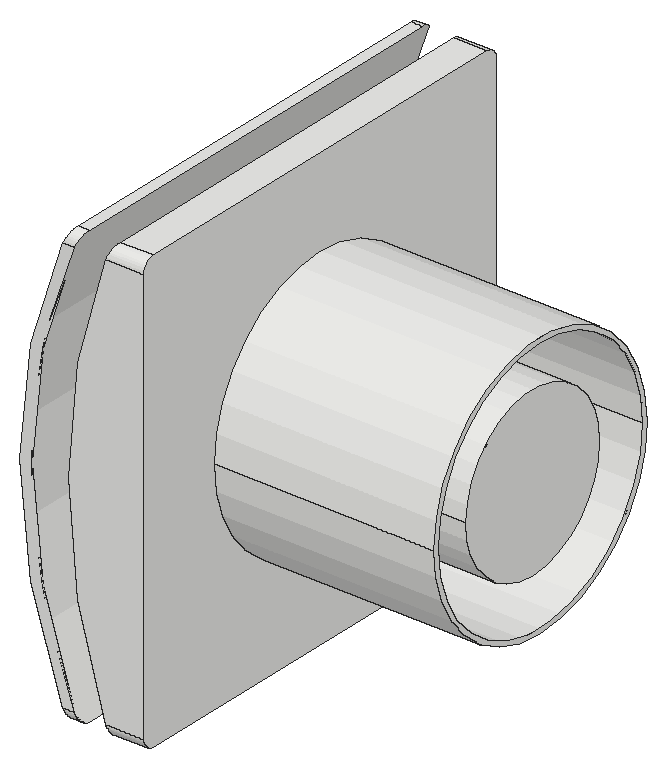
Revit family "Nuaire_IfcFanType_Isense-plus85", category Mechanical Equipment, Revit 2018
Family settings
  Round Connector Dimension = Use Radius
  Part Type = Normal
  OmniClass Number = 23.75.00.00
  OmniClass Title = Climate Control (HVAC)
  Work Plane-Based = No
  Always vertical = Yes
  Cut with Voids When Loaded = No
  Shared = No
  Room Calculation Point = No
Parameters (values of type "ISENSE-PLUS")
  Width = 164.00 mm  # constant formula
  Weight = 0.58 kg  # constant formula
  Weekly = "SFG20 20-06"  # constant formula
  Warranty ID [instance] = ""
  Type Comments = "1"
  Supply Phase = 1  # constant formula
  Starting Current = 0.300 A  # constant formula
  Spigot Diameter = 100.00 mm  # constant formula
  Specific Fan Power at Design Duty = ""
  Revit Family Last Revised = "2023-10-24T12:06:00"  # constant formula
  Responsible Sourcing of Materials = "FSC"  # constant formula
  Responsible Extraction of Materials = "n/a"  # constant formula
  Reference Standard = "ISO 9001:2015"  # constant formula
  Quote Reference [instance] = ""
  Quarterly = "SFG20 20-06"  # constant formula
  Project Reference [instance] = ""
  Product Range = "iSense"  # constant formula
  Product Literature = "https://www.nuaire.co.uk/documentstore/catalogue/ISENSEPLUS_BROCHURE.pdf"
  Power Source = "Mains"  # constant formula
  Order Reference [instance] = ""
  Operation and Maintenance Manual = "https://www.nuaire.co.uk/documentstore/IandM/672073.pdf"
  OmniClass Title = "Fans"  # constant formula
  OmniClass Number = "23-33 31 19"  # constant formula
  Number of Connection Poles = 2  # constant formula
  Nominal Motor Speed (rpm) = 2700  # constant formula
  Nominal Motor Rating = 0.006 kW  # constant formula
  Monthly = "SFG20 20-06"  # constant formula
  Material Ingredient Reporting = "n/a"  # constant formula
  Manufacturer Website = "http://www.nuaire.co.uk"
  Maintenance Required 8001 to 12000hrs = "https://www.nuaire.co.uk/documentstore/IandM/672073.pdf"
  Maintenance Required 601 to 1000hrs = "https://www.nuaire.co.uk/documentstore/IandM/672073.pdf"
  Maintenance Required 4001 to 8000hrs = "https://www.nuaire.co.uk/documentstore/IandM/672073.pdf"
  Maintenance Required 301 to 600hrs = "https://www.nuaire.co.uk/documentstore/IandM/672073.pdf"
  Maintenance Required 2001 to 4000hrs = "https://www.nuaire.co.uk/documentstore/IandM/672073.pdf"
  Maintenance Required 1001 to 2000hrs = "https://www.nuaire.co.uk/documentstore/IandM/672073.pdf"
  Maintenance Required 0 to 300hrs = "https://www.nuaire.co.uk/documentstore/IandM/672073.pdf"
  Location of Manufacturer = "51.571856, -3.232638"  # constant formula
  Location Reference [instance] = ""
  Life Cycle Analysis = 0
  Length = 46.00 mm  # constant formula
  IFCExportType = "NOTDEFINED"  # constant formula
  IFCExportAs = "IfcFanType"  # constant formula
  I&M Manual = "https://www.nuaire.co.uk/documentstore/IandM/672073.pdf"
  Height = 164.00 mm  # constant formula
  Green Guide for Specification = "n/a"  # constant formula
  Full Load Current = 0.060 A  # constant formula
  Frequency = 50.00 Hz  # constant formula
  Fire Control Panel Links = no
  Features = "n/a"  # constant formula
  Extract Flow [instance] = 0.000 m³/s
  External Static Pressure [instance] = 0.0 Pa
  Voltage = 230.00 V
  Model Drawn by = "Michael Grote"  # constant formula
  Maximum Ambient Temperature = 40.00 °C
  Expected Life = "n/a"  # constant formula
  Environmental Product Declaration = "WEEE, RoHS"  # constant formula
  Energy Technology List = "n/a"  # constant formula
  Embodied Carbon = "n/a"  # constant formula
  Daily = "SFG20 20-06"  # constant formula
  Classification.Uniclass.Pr.Number = "Pr_65_67_29_52"  # constant formula
  Classification.Uniclass.Pr.Description = "Mixed flow fans"  # constant formula
  Catalogue Pages = "https://www.nuaire.co.uk/documentstore/catalogue/ISENSEPLUS_BROCHURE.pdf"
  URL = "http://www.nuaire.co.uk"
  Weatherproof or Internal Only = "Internal"  # constant formula
  Manufacturer = "Nuaire"  # constant formula
  Description = "230V Continuous Mixed Flow Extract Fan"
  COBie.Type.WarrantyGuarantorParts = Manufacturer  # "Nuaire"
  COBie.Type.WarrantyGuarantorLabor = Manufacturer  # "Nuaire"
  COBie.Type.WarrantyDurationUnit = "Year"  # constant formula
  COBie.Type.WarrantyDurationParts = "5"  # constant formula
  COBie.Type.WarrantyDurationLabor = "1"  # constant formula
  COBie.Type.WarrantyDescription = "5 years.  First year parts and labour, remaining 4 years parts only."  # constant formula
  COBie.Type.SustainabilityPerformance = ""
  COBie.Type.Size = ""
  COBie.Type.Shape = ""
  COBie.Type.ReplacementCost = 0
  COBie.Type.NominalWidth = Width  # 164.00 mm
  COBie.Type.NominalLength = Length  # 46.00 mm
  COBie.Type.NominalHeight = Height  # 164.00 mm
  COBie.Type.Name = Model  # "ISENSE-PLUS"
  COBie.Type.ModelReference = Model  # "ISENSE-PLUS"
  COBie.Type.ModelNumber = Model  # "ISENSE-PLUS"
  COBie.Type.Material = ""
  COBie.Type.Manufacturer = Manufacturer  # "Nuaire"
  COBie.Type.Length = Length  # 46.00 mm
  COBie.Type.Grade = ""
  COBie.Type.Finish = ""
  COBie.Type.Features = Features  # "n/a"
  COBie.Type.ExternalIdentifier = ""
  COBie.Type.ExpectedLife = Expected Life  # "n/a"
  COBie.Type.DurationUnit = ""
  COBie.Type.Description = Description  # "230V Continuous Mixed Flow Extract Fan"
  COBie.Type.CreatedOn = Revit Family Last Revised  # "2023-10-24T12:06:00"
  COBie.Type.CreatedBy = Model Drawn by  # "Michael Grote"
  COBie.Type.Constituents = ""
  COBie.Type.Color = ""
  COBie.Type.CodePerformance = ""
  COBie.Type.Category = "Pr_65_67_29_12 : Centrifugal Fans"  # constant formula
  COBie.Type.AssetType = ""
  COBie.Type.Area = 0.00 m²
  COBie.Type.AccessibilityPerformance = ""
  COBie.Type = yes
  COBie.ExternalIdentifier [instance] = ""
  COBie.CreatedOn [instance] = Revit Family Last Revised  # "2023-10-24T12:06:00"
  COBie.CreatedBy [instance] = Model Drawn by  # "Michael Grote"
  COBie.Component.WarrantyStartDate [instance] = "Commences on date of delivery"  # constant formula
  COBie.Component.TagNumber [instance] = ""
  COBie.Component.Space [instance] = ""
  COBie.Component.SerialNumber [instance] = ""
  COBie.Component.Name [instance] = Model  # "ISENSE-PLUS"
  COBie.Component.Length [instance] = Length  # 46.00 mm
  COBie.Component.InstallationDate [instance] = ""
  COBie.Component.Description [instance] = Description  # "230V Continuous Mixed Flow Extract Fan"
  COBie.Component.BarCode [instance] = ""
  COBie.Component.AssetIdentifier [instance] = ""
  COBie.Component.Area [instance] = 0.00 m²
  COBie [instance] = yes
  CE Approval = "Yes"  # constant formula
  Bespoke Timeframe = "SFG20 20-06"  # constant formula
  Battery Type = "n/a"  # constant formula
  Battery Supply = no
  BMS Links = no
  Apparent Load = Voltage * Full Load Current  # 13.80 VA
  Annually = "SFG20 20-06"  # constant formula
  Address = "Western Industrial Estate, Caerphilly, UK"  # constant formula
  Postcode = "CF83 1NA"  # constant formula
  Telephone Number = "+44(0)2920-858-200"  # constant formula
  Fax Number = "+44(0)2920-858-222"  # constant formula
  Email Address = "bim@nuaire.co.uk"  # constant formula
  Model = "ISENSE-PLUS"
  Spigot Radius = Spigot Diameter / 2  # 50.00 mm
  6 Monthly = "SFG20 20-06"  # constant formula
Reference planes
  plane 1 "Center (Front/Back)": y = 0
  plane 2: z = 0
  plane 3 "Center (Left/Right)": x = 0
Dimensions and locks
  aligned and locked: level to plane 2
Nested families
  nested 1: "faith_base" at (0, 0, 0) x (0, -1, 0) z (-1, 0, 0), type "faith_base"
Connectors
  electrical at (0, 0.039, 62), driven by "Number of Connection Poles", driven by "Voltage", driven by "Apparent Load"
    settings: on nested 1, index 3, voltage 230.00 V, apparent load 13.80 VA, apparent load phase1 0.00 VA, apparent load phase2 0.00 VA, apparent load phase3 0.00 VA, power factor 1, load classification "Other", number of poles 2, system type 30, power factor state 1, is connector primary yes, connector utility no, sub classification motor no, connector description "Power Supply"
  hvac at (0, 0, 0), driven by "Spigot Radius", driven by "Extract Flow"
    settings: on nested 1, index 4, duct flow 0.000 m³/s, flow factor 0, pres drop 0.0 Pa, loss coef 0, conn angle 0.00°, conn width 304.80 mm, conn height 304.80 mm, conn diameter 100.00 mm, duct sys type 3, conn prof type 0, flow config 1, flow direction 2, loss method 0, conn ref index -1, conn util no, is conn primary yes, conn desc "Discharge to Atmosphere"
Definition of nested family "faith_base"
  Parameters (values of type "faith_base")
    Type Comments = "dMEV Assembly"
    URL = "http://www.nuaire.co.uk"
    Manufacturer = "Nuaire"
    Description = "dMEV Assembly"
    Default Elevation = 1219.20 mm
    Model = "isense"
  Reference planes
    plane 1 "Center (Front/Back)": y = 0
    plane 2: z = 0
    plane 3 "Center (Left/Right)": x = 0
  Dimensions and locks
    aligned and locked: level to plane 2
  Nested families
    nested 1: "faith_base2" at (0, 0, 0), type "faith_base"
  Definition of nested family "faith_base2"
    Parameters (values of type "faith_base")
      faith = yes
      Unit Description = "dMEV Assembly"
      Type Comments = Description  # "dMEV Assembly"
      Manufacturer Name = "Nuaire"  # constant formula
      Model Drawn by = "Michael Grote"  # constant formula
      URL = "http://www.nuaire.co.uk"
      Manufacturer = Manufacturer Name  # "Nuaire"
      Description = Unit Description  # "dMEV Assembly"
      Address = "Western Industrial Estate, Caerphilly, UK"  # constant formula
      Postcode = "CF83 1NA"  # constant formula
      Telephone Number = "+44(0)2920-858-200"  # constant formula
      Fax Number = "+44(0)2920-858-222"  # constant formula
      Email Address = "info@nuaire.co.uk"  # constant formula
      VAT Registration Number = "877308"  # constant formula
      Model = "Model Code"
    Reference planes
      plane 1 "Center (Front/Back)": y = 0
      plane 2: z = 0
      plane 3 "Center (Left/Right)": x = 0
      plane 4: x = 82
      plane 5: x = -82
      plane 6: y = 82
      plane 7: y = -82
    Forms (mm)
      Extrusion 1, solid
        sketch origin (0, 0, 0) x (1, 0, 0) y (0, 1, 0)
          loop
            arc (-38.31, 63.489) -> (-46.429, 63.949) -> (-45.968, 55.831) r 5.45
            arc (-45.968, 55.831) -> (-40.297, 52.154) -> (-33.615, 51.136) r 16.054
            arc (-33.615, 51.136) -> (-34.633, 57.818) -> (-38.31, 63.489) r 16.054
          loop
            arc (38.31, 63.489) -> (34.633, 57.818) -> (33.615, 51.136) r 16.054
            arc (33.615, 51.136) -> (40.297, 52.154) -> (45.968, 55.831) r 16.054
            arc (45.968, 55.831) -> (46.429, 63.949) -> (38.31, 63.489) r 5.45
          loop
            arc (-38.31, -63.489) -> (-34.633, -57.818) -> (-33.615, -51.136) r 16.054
            arc (-33.615, -51.136) -> (-40.297, -52.154) -> (-45.968, -55.831) r 16.054
            arc (-45.968, -55.831) -> (-46.429, -63.949) -> (-38.31, -63.489) r 5.45
          loop
            arc (38.31, -63.489) -> (46.429, -63.949) -> (45.968, -55.831) r 5.45
            arc (45.968, -55.831) -> (40.297, -52.154) -> (33.615, -51.136) r 16.054
            arc (33.615, -51.136) -> (34.633, -57.818) -> (38.31, -63.489) r 16.054
        from 16.45 to 34.188
      Extrusion 2, solid
        sketch origin (0, 0, 0) x (1, 0, 0) y (0, 1, 0)
          loop
            arc (-77.5, 82) -> (-80.682, 80.682) -> (-82, 77.5) r 4.5
            line (-82, 77.5) -> (-82, -77.5)
            arc (-82, -77.5) -> (-80.682, -80.682) -> (-77.5, -82) r 4.5
            line (-77.5, -82) -> (77.5, -82)
            arc (77.5, -82) -> (80.682, -80.682) -> (82, -77.5) r 4.5
            line (82, -77.5) -> (82, 77.5)
            arc (82, 77.5) -> (80.682, 80.682) -> (77.5, 82) r 4.5
            line (77.5, 82) -> (-77.5, 82)
        from 0 to 50.773
      Extrusion 3, void
        sketch origin (0, 0, 0) x (0, 1, 0) y (0, 0, 1)
          loop
            line (85.471, 26.34) -> (85.471, 58.802) -> (-85.959, 58.802) -> (-85.959, 26.101)
            arc (-85.959, 26.101) -> (-0.272, 46.037) -> (85.471, 26.34) r 195.292
          loop
            line (85.471, 10.898) -> (85.471, 22.022)
            arc (85.471, 22.022) -> (-0.272, 41.705) -> (-85.959, 21.784) r 195.411
            line (-85.959, 21.784) -> (-85.959, 10.691)
            arc (-85.959, 10.691) -> (-0.265, 28.06) -> (85.471, 10.898) r 221.408
        from -88.787 to 87.255
      Extrusion 4, solid
        sketch origin (0, 0, 0) x (1, 0, 0) y (0, 1, 0)
          loop
            circle (0, 0) r 49.42
          loop
            circle (0, 0) r 47.72
        from 0 to -81.961
      Extrusion 5, solid
        sketch origin (0, 0, 0) x (1, 0, 0) y (0, 1, 0)
          loop
            circle (0, 0) r 31
        from 0 to -79.121
      Extrusion 6, void
        sketch origin (0, 0, 0) x (1, 0, 0) y (0, 1, 0)
          loop
            circle (0, 0) r 47.72
        from 0 to 31.492
    Cuts and joins
      Extrusion 6 cuts Extrusion 1
      Extrusion 3, Extrusion 6 cuts Extrusion 2
      joined: Extrusion 1, Extrusion 2, Extrusion 4
      Extrusion 6 cuts Extrusion 5
    Dimensions and locks
      aligned and locked: level to plane 2
    Nested families
      nested 1: "label_nuaire_logo" at (50.817, -71.016, 32.667) x (1, 0, 0) z (0, -0.3636, 0.9315), type "label_nuaire_logo"
        with Scale Factor 68.464 mm, Actual Scale 23.962 mm
    Definition of nested family "label_nuaire_logo"
      Parameters (values of type "label_nuaire_logo")
        Scale Factor [instance] = Scale * 452  # 452.00 mm
        Scale = 1.00 mm
        Default Elevation = 1219.20 mm
        Actual Scale [instance] = Scale Factor * 0.35  # 158.20 mm
      Reference planes
        plane 1 "Center (Front/Back)": y = 0
        plane 2: z = 0
        plane 3 "Center (Left/Right)": x = 0
      Lines and regions (mm)
        reference lines
          curve 1: line (79.1, -32.13, 0) -> (79.1, 30, 0)
          curve 2: line (-79.1, -32.13, 0) -> (-79.1, 30, 0)
      Dimensions and locks
        equal spacing: curve 2, plane 3 "Center (Left/Right)", curve 1
        "Actual Scale": curve 2 to curve 1
        aligned and locked: level to plane 2
      Automatic sketch dimensions
        plane 1 "Center (Front/Back)" to curve 2 = 32.13 mm
        plane 1 "Center (Front/Back)" to curve 1 = 32.13 mm
        curve 2 to plane 1 "Center (Front/Back)" = 30.00 mm
        curve 1 to plane 1 "Center (Front/Back)" = 30.00 mm
      Nested families
        nested 1: "logo_stage2" at (10, 0, 0), type "logo_stage2"
      Definition of nested family "logo_stage2"
        Parameters
          Height = 452.00 mm
        Reference planes
          plane 1 "Center (Front/Back)": y = 0
          plane 2: z = 0
          plane 3 "Center (Left/Right)": x = 0
        Dimensions and locks
          aligned and locked: level to plane 2
        Nested families
          nested 1: "logo_stage1" at (0, 0, 0), type "logo_stage1"
